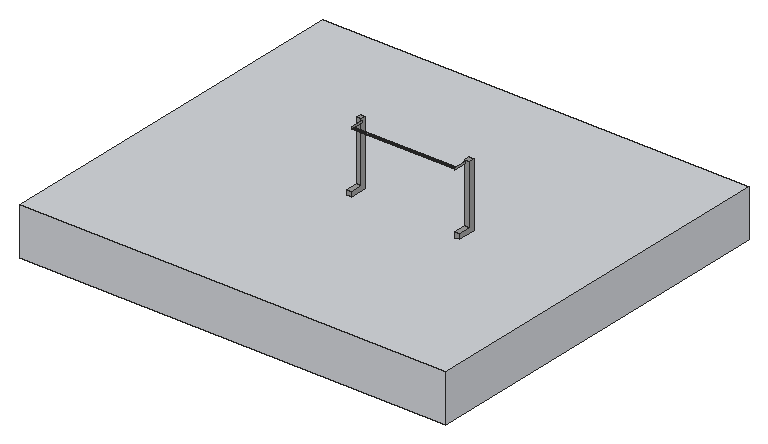
Revit family "IS_Softmood_Multiproduct_BIM_GB_T7831;T7832;T7837;T7838", category Plumbing Fixtures, host Face, Revit 2014
Parameters (values of type "T783867 - Softmood 800 mm Bracket Set")
  WaterEfficientProduct = no
  WarrantyStartDate [instance] = "1900-12-31T23:59:59"
  WarrantyGuarantorParts = "Productinfo@thebluebook.co.uk"
  WarrantyGuarantorLabor = "n/a"
  WarrantyDurationUnit = "year"
  WarrantyDurationParts = "5"
  WarrantyDurationLabor = "n/a"
  WarrantyDescription = "Manufacturers Warranty"
  WRAS = no
  VolumeUnits = "Litres"
  Version = "1"
  Uniclass2015Version = "Products v1.1"
  Uniclass2015Title = "Bathroom Shelves"
  Uniclass2015Reference = "n/a"
  Uniclass2015Description = "n/a"
  Uniclass2015Code = "Pr_40_30_78_06"
  Uniclass2 = "n/a"
  URL = "www.idealspec.co.uk"
  Type Comments = "n/a"
  TagNumber [instance] = "n/a"
  TMV3 = no
  SustainabilityPerformance = "n/a"
  SpareParts = "www.fastpart-spares.co.uk"
  Space = "Internal"
  Size = "109 x 416 x 730 mm"
  Shape = "Rectangular"
  SerialNumber [instance] = "n/a"
  Revision = "n/a"
  ReplacementCost = "n/a"
  ProductInformation = "www.idealspec.co.uk/assets/datasheet/T783867"
  Phone = "01482 346 461"
  NominalWidth = 730 mm
  NominalLength = 415 mm
  NominalHeight = 109 mm
  NominalDepth = 415 mm
  NettWeight = "0.6 Kg"
  Name = "Furniture_Softmood_T783867_IdealStandard"
  NBSTypeID = "n/a"
  NBSReference = "45-35-72/320"
  NBSOfficeMasterTag = "n/a"
  NBSNote = "n/a"
  NBSDescription = "Bathroom integrated duct work"
  NBSCertification = "n/a"
  ModelReference = Description  # "Softmood bracket Set 80cm - for shelf solution"
  ModelNumber = Model  # "T783867"
  MetalMtl = ISI_IdealStandard_Funiture_Chrome_Render
  ManufacturerURL = "www.idealspec.co.uk"
  LinearUnits = "millimeters"
  InstallationInstructions = "www.idealspec.co.uk/resources.html"
  InstallationDate [instance] = "1900-12-31T23:59:59"
  IfcExportType = "Bathroom integrated duct work"
  IfcExportAs = "IfcFurnitureType"
  Help = "Productinfo@thebluebook.co.uk"
  GrossWeight = "n/a"
  Grade = "n/a"
  Finish = "Neutral / No Finish"
  Features = "bracket Set 80cm - for shelf solution"
  ExpectedLife = "30"
  DurationUnit = "year"
  CurrencyUnit = "n/a"
  CreatedOn = "2016-09-05"
  Cost = 0
  Constituents = "n/a"
  ConnectionType = "Plumbing"
  Color = "Neutral / No Finish"
  CodePerformance = "n/a"
  Category = "n/a"
  Reference = "n/a"
  Model = "T783867"
  Manufacturer = "Ideal Standard (UK) Ltd"
  ECA = no
  Description = "Softmood bracket Set 80cm - for shelf solution"
  Default Elevation = 0 mm
  Brand = "Ideal Standard"
  BarCode = "8014140385363"
  BREEAM = no
  BIMObjectName = "ISI_IdealStandard_Furniture_Softmood_T783867"
  Author = "Ideal Standard (UK) Ltd"
  AssetType = "Fixed"
  AssetIdentifier [instance] = "n/a"
  Assembly Code = "C1030200"
  AreaUnits = "millimeters"
  AreaMeasurement = "n/a"
  Accessories = "www.idealspec.co.uk"
  AccessibilityPerformance = "n/a"
Types (4, lengths in mm): name | Size | ProductInformation | NominalWidth | NettWeight | Name | ModelReference | ModelNumber | Features | Model | Description | BarCode | BIMObjectName
  T783867 - Softmood 800 mm Bracket Set | "109 x 416 x 730 mm" | "www.idealspec.co.uk/assets/datasheet/T783867" | 730 | "0.6 Kg" | "Furniture_Softmood_T783867_IdealStandard" | "Softmood bracket Set 80cm - for shelf solution" | "T783867" | "bracket Set 80cm - for shelf solution" | "T783867" | "Softmood bracket Set 80cm - for shelf solution" | "8014140385363" | "ISI_IdealStandard_Furniture_Softmood_T783867"
  T783767 - Softmood 1000 mm Bracket Set | "109 x 416 x 930 mm" | "www.idealspec.co.uk/assets/datasheet/T783767" | 930 | "0.7 Kg" | "Furniture_Softmood_T783767_IdealStandard" | "Softmood bracket Set 100cm - for shelf solution" | "T783767" | "bracket Set 100cm - for shelf solution" | "T783767" | "Softmood bracket Set 100cm - for shelf solution" | "8014140385356" | "ISI_IdealStandard_Furniture_Softmood_T783767"
  T783267 - Softmood 1300 mm Bracket Set | "109 x 416 x 1230 mm" | "www.idealspec.co.uk/assets/datasheet/T783267" | 1230 | "3.7 Kg" | "Furniture_Softmood_T783267_IdealStandard" | "Softmood bracket set 130cm - for shelf solution" | "T783267" | "bracket set 130cm - for shelf solution" | "T783267" | "Softmood bracket set 130cm - for shelf solution" | "8014140385349" | "ISI_IdealStandard_Furniture_Softmood_T783267"
  T783167 - Softmood 600 mm Bracket set | "109 x 416 x 530 mm" | "www.idealspec.co.uk/assets/datasheet/T783167" | 530 | "2.1 Kg" | "Furniture_Softmood_T783167_IdealStandard" | "Softmood bracket set 60cm - for shelf solution" | "T783167" | "bracket set 60cm - for shelf solution" | "T783167" | "Softmood bracket set 60cm - for shelf solution" | "8014140385332" | "ISI_IdealStandard_Furniture_Softmood_T783167"
Reference planes
  plane 1 "Center (Front/Back)": y = 0
  plane 2: z = 0
  plane 3 "Center (Left/Right)": x = 0
  plane 4: y = -109
  plane 5: x = 730
  plane 6: z = 415
  plane 7: x = 30
  plane 8: x = 700
  plane 9: y = -99
  plane 10: x = 33
  plane 11: x = 697
  plane 12: z = 400
  plane 13: z = 393
  plane 14: z = 30
  plane 15: y = -30
  plane 16: z = 402
  plane 17: z = 391
Forms (mm)
  Extrusion 1, solid
    sketch origin (0, 0, 0) x (1, 0, 0) y (0, 1, 0)
      loop
        line (-1219.2, 1219.2) -> (-1219.2, -1219.2) -> (1528.93, -1219.2) -> (1528.93, 1219.2) -> (-1219.2, 1219.2)
    from 0 to -304.8
  Extrusion 2, solid, material "ISI_IdealStandard_Funiture_Chrome_Render" <- "MetalMtl"
    sketch origin (0, 0, 0) x (1, 0, 0) y (0, 1, 0)
      loop
        line (0, 0) -> (0, -109) -> (30, -109) -> (30, 0) -> (0, 0)
      loop
        line (730, 0) -> (700, 0) -> (700, -109) -> (730, -109) -> (730, 0)
    from 0 to 30
  Extrusion 3, solid, material "ISI_IdealStandard_Funiture_Chrome_Render" <- "MetalMtl"
    sketch origin (-66.287, -30, 1219.2) x (-1, 0, 0) y (0, 0, 1)
      loop
        line (-66.287, -804.2) -> (-96.287, -804.2) -> (-96.287, -1189.2) -> (-66.287, -1189.2) -> (-66.287, -804.2)
      loop
        line (-766.287, -804.2) -> (-796.287, -804.2) -> (-796.287, -1189.2) -> (-766.287, -1189.2) -> (-766.287, -804.2)
    from 0 to 30
  Extrusion 4, solid, material "ISI_IdealStandard_Funiture_Chrome_Render" <- "MetalMtl"
    sketch origin (33, -69.924, 1219.2) x (0, 1, 0) y (0, 0, 1)
      loop
        line (-29.076, -819.2) -> (-39.076, -819.2) -> (-39.076, -826.2) -> (-29.076, -826.2) -> (-29.076, -819.2)
    from 0 to 664
  Extrusion 5, solid, material "ISI_IdealStandard_Funiture_Chrome_Render" <- "MetalMtl"
    sketch origin (30, -4572, -56.664) x (0, 0, -1) y (0, -1, 0)
      loop
        line (-458.664, -4542) -> (-447.664, -4542) -> (-447.664, -4463) -> (-458.664, -4463) -> (-458.664, -4542)
    from -3 to 0
  Extrusion 6, solid, material "ISI_IdealStandard_Funiture_Chrome_Render" <- "MetalMtl"
    sketch origin (500, -4572, -56.664) x (0, 0, -1) y (0, 1, 0)
      loop
        line (-458.664, 4542) -> (-458.664, 4463) -> (-447.664, 4463) -> (-447.664, 4542) -> (-458.664, 4542)
    from 197 to 200
Cuts and joins
  joined: Extrusion 2, Extrusion 3
Dimensions and locks
  "NominalWidth": plane 3 "Center (Left/Right)" to plane 5
  "NominalHeight": plane 4 to plane 1 "Center (Front/Back)"
  "NominalDepth": plane 6 to Extrusion 1
  locked: plane 3 "Center (Left/Right)" to plane 7 at 30
  locked: plane 7 to plane 10 at 3
  locked: plane 8 to plane 5 at 30
  locked: plane 11 to plane 8 at 3
  locked: plane 9 to plane 4 at 10
  locked: plane 6 to plane 12 at 15
  locked: plane 12 to plane 13 at 7
  locked: plane 14 to Extrusion 1 at 30
  locked: plane 1 "Center (Front/Back)" to plane 15 at 30
  Extrusion 5 to plane 6 = 13 mm
  aligned and locked: plane 2 to Extrusion 1
  aligned and locked: level to Extrusion 1
  aligned and locked: plane 1 "Center (Front/Back)" to Extrusion 2 sketch curve
  aligned and locked: plane 3 "Center (Left/Right)" to Extrusion 2 sketch curve
  aligned and locked: plane 4 to Extrusion 2 sketch curve
  aligned and locked: plane 7 to Extrusion 2 sketch curve
  aligned and locked: Extrusion 2 to plane 14
  aligned and locked: Extrusion 2 to level
  aligned and locked: plane 6 to Extrusion 3 sketch curve  (x2)
  aligned and locked: Extrusion 3 sketch curve to plane 3 "Center (Left/Right)"
  aligned and locked: Extrusion 3 sketch curve to Extrusion 2  (x2)
  aligned and locked: plane 8 to Extrusion 3 sketch curve
  aligned and locked: Extrusion 3 to Extrusion 2  (x2)
  aligned and locked: plane 12 to Extrusion 4 sketch curve
  aligned and locked: plane 9 to Extrusion 4 sketch curve
  aligned and locked: Extrusion 4 sketch curve to plane 13
  aligned and locked: Extrusion 4 sketch curve to plane 4
  aligned and locked: Extrusion 4 to plane 11
  aligned and locked: Extrusion 4 to plane 10
  aligned and locked: Extrusion 5 sketch curve to plane 16
  aligned and locked: Extrusion 5 sketch curve to plane 15
  aligned and locked: Extrusion 5 sketch curve to plane 17
  aligned and locked: plane 4 to Extrusion 5 sketch curve
  aligned and locked: plane 10 to Extrusion 5
  aligned and locked: plane 7 to Extrusion 5
  aligned and locked: Extrusion 6 to plane 8
  aligned and locked: Extrusion 6 to plane 11
  aligned and locked: Extrusion 6 sketch curve to plane 16
  aligned and locked: Extrusion 6 sketch curve to plane 17
  aligned and locked: plane 15 to Extrusion 6 sketch curve
  aligned and locked: Extrusion 6 sketch curve to plane 4
Automatic sketch dimensions
  Extrusion 1 sketch curve to Extrusion 1 sketch curve = 2748.13 mm
  Extrusion 1 sketch curve to Extrusion 1 sketch curve = 2438.4 mm
  Extrusion 2 sketch curve to plane 4 = 0 mm
  Extrusion 2 sketch curve to plane 8 = 0 mm
  Extrusion 2 sketch curve to plane 5 = 0 mm
  plane 1 "Center (Front/Back)" to Extrusion 2 sketch curve = 0 mm
  Extrusion 3 sketch curve to plane 14 = 0 mm  (x2)
